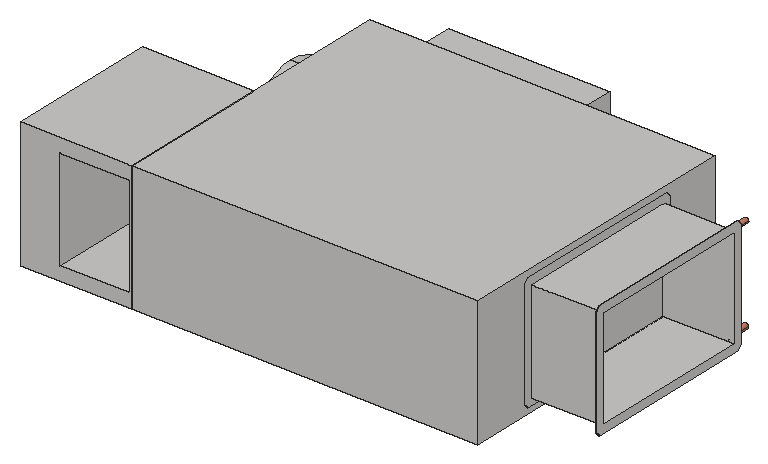
Revit family
Parameters
  Width = 3' - 1"
  Voltage = 120 V
  Unit Weight = if(and(Size Option = 1, Number of Rows = 1), "189.0 lbs", if(and(Size Option = 1, Number of Rows = 2), "192.0 lbs", if(and(Size Option = 2, Number of Rows = 1), "194.0 lbs", if(and(Size Option = 2, Number of Rows = 2), "197.0 lbs", "0"))))  # "189.0 lbs"
  UltraLoc Liner = Choose Liner Option = 3  # no
  URL = "http://www.titus-hvac.com/"
  UL = "181"
  Supply Air Flow [instance] = 0 CFM
  SteriLoc Liner = Choose Liner Option = 2  # no
  Size Option = 1
  Size C = Size Option = 2  # no
  Size B = Size Option = 1  # yes
  Secondary Material = Copper Connectors
  Primary Air Pressure Drop [instance] = 0.00 in-wg
  Primary Air Flow [instance] = 0 CFM
  Pressure [instance] = 0.00 psi
  Plenum Air Pressure Drop [instance] = 0.00 in-wg
  Plenum Air Flow [instance] = 0 CFM
  Outlet Width = 1' - 8 1/2"
  Outlet Height = 1' - 0 1/2"
  Number of Rows = 1
  Number of Poles = 1
  Nominal Width = Width + 0' 6 1/4"  # 3' - 7 1/4"
  Nominal Length = Length + 1' 1 7/8" + 0' 9"  # 5' - 5 7/8"
  Nominal Inlet Size = 1' - 0"
  Nominal Height = 1' - 4"
  NFPA = "90A"
  Motor Full Load Amps [instance] = 2.3 A
  Model = "DTFS-F"
  Min. Air Flow = 0 CFM
  Max. Air Flow = 2000 CFM
  Material = Galvanized Steel
  Manufacturer = "Titus"
  Length = 3' - 7"
  Juction Box Offset = 0' - 4 7/8"
  Inlet Diameter = Nominal Inlet Size - 0' 0 1/8"  # 0' - 11 7/8"
  Induced Air Inlet Width = 1' - 1 7/8"
  Induced Air Inlet Offset = (Height - Induced Air Inlet Connection Height) / 2  # 0' - 1 11/16"
  Induced Air Inlet Height = 1' - 7"
  Induced Air Inlet Connection Width = 0' - 8 3/4"
  Induced Air Inlet Connection Height = 1' - 0 5/8"
  Induced Air Filter = no
  Height = 1' - 4"
  Heating Total Capacity [instance] = 0 Btu/h
  Heating Entering Water Temp = 0 °F
  Half Outlet Connection Width = Outlet Width / 2  # 0' - 10 1/4"
  Half Outlet Connection Height = Outlet Height / 2  # 0' - 6 1/4"
  Half Height Start = -(Height / 2)  # -0' - 8"
  Half Height End = Height / 2  # 0' - 8"
  HWC Option = HWC Section : B-C - 1 Row
  HWC Connector Radius = 5/16"
  HP-Motor = "1/6"
  Gallons Per Minute [instance] = 0 GPM
  Frequency = 60 Hz
  Flange Offset = 0' - 1"
  Filter Size = "11\"x14\""
  Fiber Free Liner = Choose Liner Option = 1  # no
  Fan Disconnect Switch = no
  Duct Radius = Nominal Inlet Size / 2  # 0' - 6"
  Description = "Ultra Quiet Series Fan Powered Terminal Unit, Direct Digital Control, Pressure Independent"
  Connector Vertical Offset = 0' - 11 3/4"
  HWC Connector Length = 0' - 3"
  Connector Horizontal Offset = if(Number of Rows = 1, 0' 0", if(Number of Rows = 2, 0' 1", 0' 0"))  # 0' - 0"
  Connection Void Radius = Connection Radius - 0' 0 1/4"  # 0' - 5 11/16"
  Connection Radius = Inlet Diameter / 2  # 0' - 5 15/16"
  Choose Liner Option = 0
  CADworks URL = "www.CADworks.net"
  Assembly Code = "D3040100"
  Apparent Power [instance] = Voltage * Motor Full Load Amps  # 276 VA
  Air Inlet Offset = 0' - 8"
  1/2" Fiberglass Liner = Choose Liner Option = 0  # yes
  1" Fiberglass Liner = Choose Liner Option = 4  # no
Reference planes (in)
  plane 1 "Center (Front/Back)": y = 0
  plane 2: z = 0
  plane 3 "Center (Left/Right)": x = 3
  plane 4: x = -18.5
  plane 5: x = 24.5
  plane 6: x = -13.625
  plane 7: x = -21.875
  plane 8: z = 0
  plane 9: y = -18.5
  plane 10: y = 18.5
  plane 11: y = 10.5
  plane 12: z = 0
  plane 13: x = 33.5
  plane 14: x = 32.5
  plane 15: y = 13.25
  plane 16: y = 10.25
  plane 17: z = 5.875
  plane 18: z = -5.875
  plane 19: x = 32.5
  plane 20: y = 24.75
  plane 21: x = -32.375
  plane 22: z = 8
  plane 23: z = -8
Forms (in)
  Extrusion 1, solid, material "Galvanized Steel" <- "Material"
    sketch origin (0, 0, 0) x (1, 0, 0) y (0, 1, 0)
      loop
        line (-18.5, 18.5) -> (-18.5, -18.5) -> (24.5, -18.5) -> (24.5, 18.5) -> (-18.5, 18.5)
    from -8 <- "Half Height Start" to 8 <- "Half Height End"
  Extrusion 2, solid, material "Galvanized Steel" <- "Material"
    sketch origin (0, 0, 0) x (1, 0, 0) y (0, 1, 0)
      loop
        line (-32.375, 0.5) -> (-32.375, -18.5) -> (-18.5, -18.5) -> (-18.5, 0.5) -> (-32.375, 0.5)
    from -8 <- "Half Height Start" to 8 <- "Half Height End"
  Extrusion 3, void
    sketch origin (0, -18.5, 0) x (1, 0, 0) y (0, 0, -1)
      loop
        line (-18.75, 6.3125) -> (-27.5, 6.3125) -> (-27.5, -6.3125) -> (-18.75, -6.3125) -> (-18.75, 6.3125)
    from 0 to 16
  Extrusion 4, solid, material "Galvanized Steel" <- "Material"
    sketch origin (5, 0, 30) x (1, 0, 0) y (0, 1, 0)
      loop
        line (-18.625, 18.5) -> (1.375, 18.5) -> (1.375, 24.75) -> (-18.625, 24.75) -> (-18.625, 18.5)
    from -36 to -24
  Extrusion 5, solid, material "Galvanized Steel" <- "Material"
    sketch origin (-24.875, -2, 0) x (0, 0, -1) y (0, 1, 0)
      loop
        circle (0, 12.5) r 5.9375
    from 3 to 6.375
  Extrusion 6, void
    sketch origin (-24.875, 0, 0) x (0, 1, 0) y (0, 0, 1)
      loop
        circle (10.5, 0) r 5.6875
    from 3 to 11.25
  Extrusion 7, void, detail levels fine
    sketch origin (33.5, -10.25, 6.25) x (0, 0, 1) y (0, -1, 0)
      loop
        line (-12.5, 0) -> (-12.5, -20.5) -> (0, -20.5) -> (0, 0) -> (-12.5, 0)
    from -0.0625 to 0
  Extrusion 8, solid, material "Copper Connectors" <- "Secondary Material", detail levels fine
    sketch origin (0, 0, 0) x (1, 0, 0) y (0, 0, 1)
      loop
        circle (32.5, 5.875) r 0.3125
    from -13.25 to -10.3125
  Extrusion 9, solid, material "Copper Connectors" <- "Secondary Material", detail levels fine
    sketch origin (0, 0, 0) x (1, 0, 0) y (0, 0, 1)
      loop
        circle (32.5, -5.875) r 0.3125
    from -13.25 to -10.3125
Cuts and joins
  Extrusion 3 cuts Extrusion 2
  Extrusion 6 cuts Extrusion 1
  Extrusion 6 cuts Extrusion 5
Dimensions and locks (in)
  "Length": plane 5 to plane 4
  equal spacing: plane 5, plane 3 "Center (Left/Right)", plane 4
  locked: Extrusion 4 to plane 6 at 0
  locked: Extrusion 4 to Extrusion 4 at 20
  "Juction Box Offset": plane 6 to plane 4
  locked: plane 4 to plane 7 at 3.375
  "Width": plane 9 to plane 10
  equal spacing: plane 9, plane 1 "Center (Front/Back)", plane 10
  locked: Extrusion 5 sketch curve to level at 0
  locked: Extrusion 5 sketch curve to plane 11 at 0
  locked: Extrusion 6 sketch curve to level at 0
  locked: Extrusion 6 sketch curve to plane 11 at 0
  locked: Extrusion 4 to Extrusion 4 at 6.25
  locked: Extrusion 4 to Extrusion 4 at 12
  equal spacing: Extrusion 4, plane 8, Extrusion 4
  "Air Inlet Offset": plane 10 to plane 11
  "Induced Air Inlet Height": cut or joined group of Extrusion 2, Extrusion 3 to cut or joined group of Extrusion 2, Extrusion 3
  locked: cut or joined group of Extrusion 5, Extrusion 6 to cut or joined group of Extrusion 5, Extrusion 6 at 3.375
  "Induced Air Inlet Connection Height": Extrusion 3 sketch curve to Extrusion 3 sketch curve
  "Induced Air Inlet Offset": Extrusion 3 sketch curve to cut or joined group of Extrusion 2, Extrusion 3
  "Induced Air Inlet Connection Width": Extrusion 3 sketch curve to Extrusion 3 sketch curve
  locked: Extrusion 3 sketch curve to cut or joined group of Extrusion 1, Extrusion 6 at 0.25
  locked: plane 5 to plane 13 at 9
  locked: plane 14 to plane 13 at 1
  locked: plane 17 to plane 18 at 11.75
  equal spacing: plane 17, plane 12, plane 18
  "Connector Horizontal Offset": plane 19 to plane 14
  "HWC Connector Length": plane 16 to plane 15
  locked: cut or joined group of Extrusion 2, Extrusion 3 to cut or joined group of Extrusion 2, Extrusion 3 at 16
  equal spacing: cut or joined group of Extrusion 2, Extrusion 3, plane 12, cut or joined group of Extrusion 2, Extrusion 3
  locked: cut or joined group of Extrusion 1, Extrusion 6 to cut or joined group of Extrusion 2, Extrusion 3 at 16
  equal spacing: cut or joined group of Extrusion 1, Extrusion 6, plane 12, cut or joined group of Extrusion 1, Extrusion 6
  locked: cut or joined group of Extrusion 2, Extrusion 3 to cut or joined group of Extrusion 2, Extrusion 3 at 13.875
  locked: nested 1 to cut or joined group of Extrusion 1, Extrusion 6 at 1.6875
  locked: cut or joined group of Extrusion 1, Extrusion 6 to nested 1 at 1.6875
  "Connection Radius": radius of Extrusion 5 sketch curve
  "Connection Void Radius": radius of Extrusion 6 sketch curve
  "HWC Connector Radius": radius of Extrusion 8 sketch curve
  "HWC Connector Radius": radius of Extrusion 9 sketch curve
  aligned and locked: plane 10 to Extrusion 4
  aligned and locked: plane 7 to cut or joined group of Extrusion 5, Extrusion 6
  aligned and locked: plane 9 to cut or joined group of Extrusion 2, Extrusion 3  (x3)
  aligned and locked: nested 1 to Extrusion 8
  aligned and locked: plane 15 to Extrusion 8
  aligned and locked: nested 1 to Extrusion 9
  aligned and locked: plane 15 to Extrusion 9
  aligned and locked: plane 5 to cut or joined group of Extrusion 1, Extrusion 6
  aligned and locked: cut or joined group of Extrusion 1, Extrusion 6 to plane 10
  aligned and locked: plane 9 to cut or joined group of Extrusion 1, Extrusion 6
  aligned and locked: cut or joined group of Extrusion 1, Extrusion 6 to plane 4
  aligned and locked: cut or joined group of Extrusion 1, Extrusion 6 to nested 1
  aligned and locked: cut or joined group of Extrusion 5, Extrusion 6 to cut or joined group of Extrusion 1, Extrusion 6
  aligned and locked: cut or joined group of Extrusion 2, Extrusion 3 to cut or joined group of Extrusion 1, Extrusion 6
  aligned and locked: plane 6 to Extrusion 6
  aligned and locked: Extrusion 6 to plane 7
  aligned and locked: plane 22 to cut or joined group of Extrusion 2, Extrusion 3
  aligned and locked: plane 22 to cut or joined group of Extrusion 1, Extrusion 6
  aligned and locked: plane 23 to cut or joined group of Extrusion 2, Extrusion 3
  aligned and locked: plane 23 to cut or joined group of Extrusion 1, Extrusion 6
  aligned and locked: plane 13 to nested 1
  aligned and locked: plane 20 to Extrusion 4
  aligned and locked: plane 21 to cut or joined group of Extrusion 2, Extrusion 3
Automatic sketch dimensions
  Extrusion 1 sketch curve to plane 4 = 0' - 0"
  Extrusion 1 sketch curve to plane 5 = 0' - 0"
  Extrusion 1 sketch curve to plane 9 = 0' - 0"
  Extrusion 1 sketch curve to plane 10 = 0' - 0"
  Extrusion 2 sketch curve to plane 4 = 0' - 0"
  Extrusion 2 sketch curve to plane 9 = 0' - 0"
  Extrusion 2 sketch curve to plane 1 "Center (Front/Back)" = 0' - 0 1/2"
  Extrusion 4 sketch curve to plane 6 = 0' - 0"
  Extrusion 4 sketch curve to plane 10 = 0' - 0"
  plane 3 "Center (Left/Right)" to Extrusion 4 sketch curve = 0' - 3 3/8"
  Extrusion 4 sketch curve to plane 10 = 0' - 6 1/4"
  Extrusion 2 sketch curve to plane 7 = 0' - 10 1/2"
  Extrusion 7 sketch curve to nested 1 = 0' - 0"  (x4)
  Extrusion 8 sketch curve to plane 17 = 0' - 0"
  Extrusion 8 sketch curve to plane 19 = 0' - 0"
  Extrusion 9 sketch curve to plane 14 = 0' - 0"
  Extrusion 9 sketch curve to plane 18 = 0' - 0"
Nested families (in)
  nested 1: "HWC Section" at (29, 0, 0) x (0, 1, 0) z (0, 0, 1), type <- "HWC Option", type "B-C - 1 Row"
Connectors (in)
  electrical at (-3.625, 24.75, 0), driven by "Apparent Power", driven by "Voltage", driven by "Number of Poles"
    settings: on Extrusion 4, index 8
  hvac at (-21.875, 10.5, 0), driven by "Duct Radius", driven by "Primary Air Pressure Drop", driven by "Primary Air Flow"
    settings: on cut or joined group of Extrusion 5, Extrusion 6, index 9
  hvac at (-23.125, -18.5, 0), driven by "Induced Air Inlet Connection Height", driven by "Induced Air Inlet Connection Width", driven by "Plenum Air Pressure Drop", driven by "Plenum Air Flow"
    settings: on cut or joined group of Extrusion 2, Extrusion 3, index 10
  hvac at (33.5, 0, 0), driven by "Outlet Height", driven by "Outlet Width", driven by "Supply Air Flow"
    settings: on Extrusion 7, index 11
  piping at (32.5, 13.25, 5.875), driven by "Gallons Per Minute", driven by "Pressure", driven by "HWC Connector Radius"
    settings: on Extrusion 8, index 12
  piping at (32.5, 13.25, -5.875), driven by "Gallons Per Minute", driven by "HWC Connector Radius", driven by "Pressure"
    settings: on Extrusion 9, index 13
Definition of nested family "HWC Section"
  Parameters (values of type "B-C - 1 Row")
    Visibility = yes
    Secondary Material = Copper Connectors
    Number of Rows = 1
    Material = Galvanized Steel
    Half Width = HWC Width / 2  # 0' - 10 1/4"
    Half Length-Start = -(HWC Length / 2)  # -0' - 4 1/2"
    Half Length-End = HWC Length / 2  # 0' - 4 1/2"
    HWC Connection Radius = 5/16"
    Flange Offset = 0' - 1"
    Duct Vertical Offset = HWC Height - 0' 0 1/2"  # 1' - 0"
    Duct Horizontal Offset = HWC Width - 0' 0 1/2"  # 1' - 8"
    Connector Vertical Offset = 0' - 11 3/4"
    HWC Width = 1' - 8 1/2"
    HWC Height = 1' - 0 1/2"
    HWC Length = 0' - 9"  # constant formula
    Gallons Per Minute = 0 GPM
    Connector Length = 0' - 3"
    Connector Horizontal Offset = 0' - 0"
  Types (5): name | Number of Rows | Half Width | Flange Offset | Duct Vertical Offset | Duct Horizontal Offset | Connector Vertical Offset | HWC Width | HWC Height | Connector Horizontal Offset
    (no name) | 1 | 0' - 10 1/4" | 0' - 1" | 1' - 0" | 1' - 8" | 0' - 11 3/4" | 1' - 8 1/2" | 1' - 0 1/2" | 0' - 0"
    B-C - 1 Row | 1 | 0' - 10 1/4" | 0' - 1" | 1' - 0" | 1' - 8" | 0' - 11 3/4" | 1' - 8 1/2" | 1' - 0 1/2" | 0' - 0"
    B-C - 2 Row | 2 | 0' - 10 1/4" | 0' - 1" | 1' - 0" | 1' - 8" | 0' - 11 3/4" | 1' - 8 1/2" | 1' - 0 1/2" | 0' - 1"
    D-E - 1 Row | 1 | 1' - 0 1/2" | 0' - 1 1/4" | 1' - 5" | 2' - 0 1/2" | 1' - 4 1/4" | 2' - 1" | 1' - 5 1/2" | 0' - 0"
    D-E - 2 Row | 2 | 1' - 0 1/2" | 0' - 1 1/4" | 1' - 5" | 2' - 0 1/2" | 1' - 4 3/4" | 2' - 1" | 1' - 5 1/2" | 0' - 1"
  Reference planes (in)
    plane 1 "Center (Front/Back)": y = 0
    plane 2: z = 0
    plane 3 "Center (Left/Right)": x = 0
    plane 4: x = -10.25
    plane 5: x = 10.25
    plane 6: y = 4.5
    plane 7: y = -4.5
    plane 8: z = 6.25
    plane 9: z = -6.25
    plane 10: z = 5.875
    plane 11: z = -5.875
    plane 12: y = 3.5
    plane 13: y = 3.5
    plane 14: x = 13.25
  Forms (in)
    Extrusion 1, solid, material "Galvanized Steel" <- "Material", visible <- "Visibility"
      sketch origin (0, 0, 0) x (1, 0, 0) y (0, 0, 1)
        loop
          line (-10.3125, 6.3125) -> (-10.3125, -6.3125) -> (10.3125, -6.3125) -> (10.3125, 6.3125) -> (-10.3125, 6.3125)
      from -4.375 <- "Half Length-Start" to 4.5 <- "Half Length-End"
    Extrusion 2, void, detail levels fine
      sketch origin (0, 0, 0) x (1, 0, 0) y (0, 0, 1)
        loop
          line (-10.25, -6.25) -> (10.25, -6.25) -> (10.25, 6.25) -> (-10.25, 6.25) -> (-10.25, -6.25)
      from -4.5 <- "Half Length-Start" to 4.5 <- "Half Length-End"
    Extrusion 3, solid, material "Copper Connectors" <- "Secondary Material", visible <- "Visibility"
      sketch origin (6, 2.625, 0) x (0, 1, 0) y (0, 0, 1)
        loop
          circle (0.875, -5.875) r 0.3125
      from 4.3125 to 7.25
    Extrusion 4, solid, material "Galvanized Steel" <- "Material", visible <- "Visibility"
      sketch origin (0, -4.375, 0) x (1, 0, 0) y (0, 0, 1)
        loop
          line (-10.25, 6.25) -> (-10.25, -6.25) -> (10.25, -6.25) -> (10.25, 6.25) -> (-10.25, 6.25)
        loop
          line (-11.25, 6.75) -> (-11.25, -6.75) -> (-10.75, -7.25) -> (10.75, -7.25) -> (11.25, -6.75) -> (11.25, 6.75) -> (10.75, 7.25) -> (-10.75, 7.25) -> (-11.25, 6.75)
      from 0 to 0.125
    Extrusion 5, solid, material "Copper Connectors" <- "Secondary Material", visible <- "Visibility"
      sketch origin (6, -0.5, 0) x (0, 1, 0) y (0, 0, 1)
        loop
          circle (4, 5.875) r 0.3125
      from 4.3125 to 7.25
    Extrusion 6, solid, material "Galvanized Steel" <- "Material", visible <- "Visibility"
      sketch origin (0, 4.375, 0) x (1, 0, 0) y (0, 0, -1)
        loop
          line (-10.25, -6.25) -> (10.25, -6.25) -> (10.25, 6.25) -> (-10.25, 6.25) -> (-10.25, -6.25)
        loop
          line (-11.25, -6.75) -> (-10.75, -7.25) -> (10.75, -7.25) -> (11.25, -6.75) -> (11.25, 6.75) -> (10.75, 7.25) -> (-10.75, 7.25) -> (-11.25, 6.75) -> (-11.25, -6.75)
      from 0 to 0.125
  Cuts and joins
    Extrusion 2 cuts Extrusion 1
    joined: Extrusion 1, Extrusion 4, Extrusion 6
  Dimensions and locks (in)
    "HWC Width": plane 4 to plane 5
    equal spacing: plane 4, plane 3 "Center (Left/Right)", plane 5
    "HWC Height": plane 8 to plane 9
    equal spacing: plane 8, plane 2, plane 9
    equal spacing: plane 10, plane 2, plane 11
    locked: plane 12 to plane 6 at 1
    "Connector Horizontal Offset": plane 13 to plane 12
    locked: plane 7 to Extrusion 4 at 0.125
    locked: Extrusion 6 to plane 6 at 0.125
    locked: plane 4 to Extrusion 1 sketch curve at 0.0625
    locked: Extrusion 4 to Extrusion 1 sketch curve at 0.0625
    locked: Extrusion 1 sketch curve to plane 8 at 0.0625
    locked: plane 9 to Extrusion 1 sketch curve at 0.0625
    "Connector Length": plane 5 to plane 14
    "HWC Length": plane 6 to plane 7
    equal spacing: plane 6, plane 1 "Center (Front/Back)", plane 7
    "Connector Vertical Offset": plane 10 to plane 11
    equal spacing: plane 10, level, plane 11
    "HWC Width": Extrusion 4 sketch curve to Extrusion 4 sketch curve
    equal spacing: Extrusion 4 sketch curve, plane 3 "Center (Left/Right)", Extrusion 4 sketch curve
    "HWC Height": Extrusion 4 sketch curve to Extrusion 4 sketch curve
    equal spacing: Extrusion 4 sketch curve, plane 2, Extrusion 4 sketch curve
    "Flange Offset": cut or joined group of Extrusion 1, Extrusion 2, Extrusion 4, Extrusion 6 to plane 8
    "Flange Offset": plane 9 to cut or joined group of Extrusion 1, Extrusion 2, Extrusion 4, Extrusion 6
    locked: cut or joined group of Extrusion 1, Extrusion 2, Extrusion 4, Extrusion 6 to plane 4 at 1  (x2)
    locked: cut or joined group of Extrusion 1, Extrusion 2, Extrusion 4, Extrusion 6 to plane 5 at 1  (x2)
    "HWC Width": Extrusion 6 sketch curve to Extrusion 6 sketch curve
    "HWC Height": Extrusion 6 sketch curve to Extrusion 6 sketch curve
    equal spacing: Extrusion 6 sketch curve, plane 3 "Center (Left/Right)", Extrusion 6 sketch curve
    equal spacing: Extrusion 6 sketch curve, plane 2, Extrusion 6 sketch curve
    "HWC Height": Extrusion 2 sketch curve to Extrusion 2 sketch curve
    "HWC Width": Extrusion 2 sketch curve to Extrusion 2 sketch curve
    equal spacing: Extrusion 2 sketch curve, plane 3 "Center (Left/Right)", Extrusion 2 sketch curve
    equal spacing: Extrusion 2 sketch curve, plane 2, Extrusion 2 sketch curve
    locked: plane 5 to Extrusion 3 at 0.0625
    locked: plane 5 to Extrusion 5 at 0.0625
    "Flange Offset": Extrusion 6 sketch curve to plane 8  (x2)
    "Flange Offset": plane 9 to Extrusion 6 sketch curve  (x2)
    "HWC Connection Radius": radius of Extrusion 3 sketch curve
    "HWC Connection Radius": radius of Extrusion 5 sketch curve
    aligned and locked: plane 7 to Extrusion 4
    aligned and locked: plane 6 to Extrusion 6
    aligned and locked: plane 14 to Extrusion 5
    aligned and locked: plane 14 to Extrusion 3
    aligned and locked: Extrusion 6 to cut or joined group of Extrusion 1, Extrusion 2, Extrusion 4, Extrusion 6
    aligned and locked: Extrusion 4 to Extrusion 4
  Automatic sketch dimensions
    Extrusion 3 sketch curve to plane 11 = 0' - 0"
    Extrusion 3 sketch curve to plane 12 = 0' - 0"
    plane 4 to Extrusion 4 sketch curve = 0' - 1"
    plane 4 to Extrusion 4 sketch curve = 0' - 0 1/2"  (x2)
    Extrusion 4 sketch curve to plane 5 = 0' - 0 1/2"  (x2)
    Extrusion 4 sketch curve to Extrusion 4 sketch curve = 0' - 0 1/2"  (x3)
    Extrusion 4 sketch curve to plane 9 = 0' - 0 1/2"  (x2)
    plane 8 to Extrusion 4 sketch curve = 0' - 0 1/2"  (x2)
    Extrusion 5 sketch curve to plane 10 = 0' - 0"
    Extrusion 5 sketch curve to plane 13 = 0' - 0"
    plane 4 to Extrusion 6 sketch curve = 0' - 1"
    plane 4 to Extrusion 6 sketch curve = 0' - 0 1/2"  (x2)
    Extrusion 6 sketch curve to plane 5 = 0' - 0 1/2"  (x2)
    Extrusion 6 sketch curve to Extrusion 6 sketch curve = 0' - 0 1/2"  (x2)
    plane 8 to Extrusion 6 sketch curve = 0' - 0 1/2"  (x2)
    Extrusion 6 sketch curve to plane 9 = 0' - 0 1/2"
